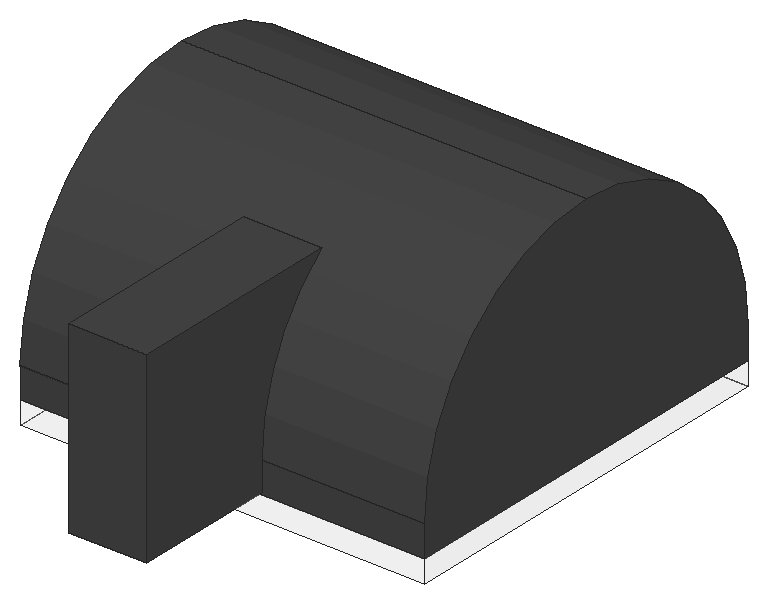
Revit family
Parameters (values of type "Wall Mounted")
  Wattage = 9.2903 W
  built-in parameter 1150110 = 1 (stored number, unit not read)
  built-in parameter 1114217 = 1 (stored number, unit not read)
  built-in parameter 1150109 = 1 (stored number, unit not read)
  built-in parameter 1150134 = 3
  built-in parameter 1150113 = 1 (stored number, unit not read)
  Material Light Fitting = Metal - Black
  Material Lamp Glazing = Glass - White Frosted
  built-in parameter 1150105 = 109.82 (stored number, unit not read)
  Lumens = 1380 lm
  built-in parameter 1150115 = 1 (stored number, unit not read)
  Light Source Symbol Size = 609.6 mm
  built-in parameter 1150137 = (empty or 0)
  built-in parameter 1150139 = (empty or 0)
  built-in parameter 1150112 = 1 (stored number, unit not read)
  built-in parameter 1150114 = 1 (stored number, unit not read)
  Keynote = "V"
  built-in parameter 1150132 = 2
  built-in parameter 1150102 = (empty or 0)
  built-in parameter 1150107 = 3200 (stored number, unit not read)
  built-in parameter 1150138 = (empty or 0)
  built-in parameter 1150106 = 1.0982 (stored number, unit not read)
  Fixture Height = 1500 mm
  built-in parameter 1150104 = 13.8 (stored number, unit not read)
  Dimming Lamp Color Temperature Shift = (empty or 0)
  Color Filter = 16777215
  built-in parameter 1114218 = 1 (stored number, unit not read)
  built-in parameter 1150133 = 10 (stored number, unit not read)
Reference planes
  plane 1: y = 0
  plane 2 "Light Source Axis (L/R)": x = 125
  plane 3 "Light Source Axis (F/R)": y = 100
  plane 4 "Light Source Elevation": z = 1400
  plane 5: z = 1500
Forms (mm)
  Extrusion 1, solid, material "Metal - Black" <- "Material Light Fitting"
    sketch origin (255, 45, -1116.111) x (0, 1, 0) y (0, 0, -1)
      loop
        line (382, -2555) -> (122, -2555) -> (122, -2575)
        arc (122, -2575) -> (160.076, -2666.924) -> (252, -2705) r 130
        arc (252, -2705) -> (343.924, -2666.924) -> (382, -2575) r 130
        line (382, -2575) -> (382, -2555)
    from 0 to 260
  Extrusion 2, solid, material "Glass - White Frosted" <- "Material Lamp Glazing"
    sketch origin (255, 45, -1116.111) x (0, 1, 0) y (0, 0, -1)
      loop
        line (382, -2540) -> (122, -2540) -> (122, -2555) -> (382, -2555) -> (382, -2540)
    from 0 to 260
  Extrusion 3, solid, material "Metal - Black" <- "Material Light Fitting"
    sketch origin (150, 45, -1116.111) x (0, -1, 0) y (0, 0, -1)
      loop
        line (-170.29, -2676.111) -> (-30, -2676.111) -> (-30, -2556.111) -> (-122, -2556.111) -> (-122, -2575)
        arc (-122, -2575) -> (-134.692, -2631.025) -> (-170.29, -2676.111) r 130
    from 0 to -50
Text (mm)
  text "Placement side" at (-1787.139, 1116.779, 0), in view "Ref. Level"
  text "Placement side" at (0, 2110.396, 2986.058), in view "Left"
  text "Placement side" at (0, 628.478, 3011.967), in view "Right"
Dimensions and locks
  "Fixture Height": plane 5 to level
  locked: Extrusion 2 to Extrusion 2 at 15
  locked: plane 5 to plane 4 "Light Source Elevation" at 100
  aligned and locked: plane 1 to host wall
  aligned and locked: Extrusion 2 to Extrusion 1
  aligned and locked: plane 2 "Light Source Axis (L/R)" to imposter light
  aligned and locked: plane 3 "Light Source Axis (F/R)" to imposter light
  aligned and locked: plane 4 "Light Source Elevation" to imposter light
Automatic sketch dimensions
  Extrusion 1 sketch curve to Extrusion 1 sketch curve = 0 mm  (x2)
  Extrusion 1 sketch curve to plane 3 "Light Source Axis (F/R)" = 67 mm
  Extrusion 1 sketch curve to plane 5 = 41.111 mm
  Extrusion 1 sketch curve to Extrusion 1 sketch curve = 130 mm
  Extrusion 1 sketch curve to Extrusion 1 sketch curve = 20 mm
  Extrusion 2 sketch curve to plane 3 "Light Source Axis (F/R)" = 67 mm
  Extrusion 2 sketch curve to plane 5 = 61.111 mm
  Extrusion 2 sketch curve to Extrusion 2 sketch curve = 260 mm
  Extrusion 2 sketch curve to Extrusion 2 sketch curve = 15 mm
  Extrusion 3 sketch curve to host wall = 0 mm
  Extrusion 3 sketch curve to plane 3 "Light Source Axis (F/R)" = 67 mm
  plane 5 to Extrusion 3 sketch curve = 60 mm
  Extrusion 3 sketch curve to Extrusion 3 sketch curve = 48.29 mm
  Extrusion 3 sketch curve to plane 5 = 41.111 mm
  Extrusion 3 sketch curve to plane 5 = 60 mm
